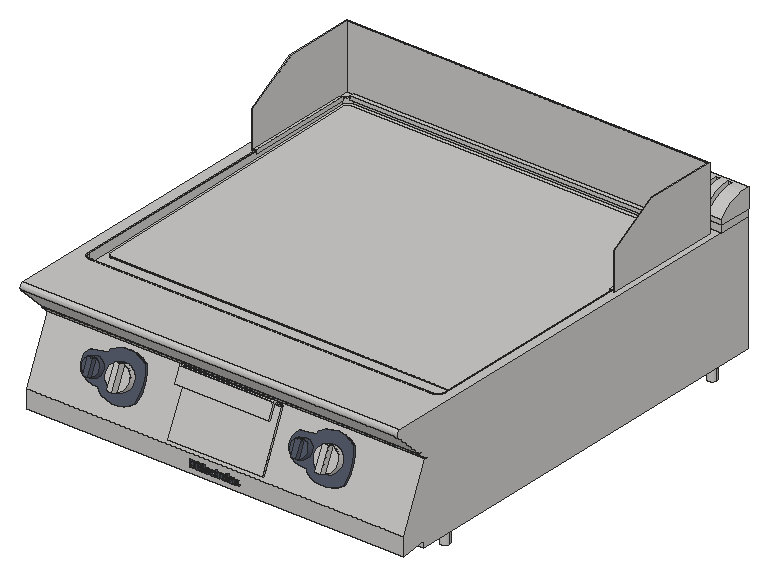
Revit family "QF_ELECTROLUXPROFESSIONAL_391586_E9IIDTAOMEI", category Attrezzature speciali, Revit 2018 (continued)
Automatic sketch dimensions
  Extrusion 19 sketch curve to Extrusion 19 sketch curve = 0.432 mm
  Extrusion 19 sketch curve to Extrusion 19 sketch curve = 1.142 mm
  Extrusion 19 sketch curve to Extrusion 19 sketch curve = 0.959 mm
  Extrusion 19 sketch curve to Extrusion 19 sketch curve = 0.176 mm
  Extrusion 19 sketch curve to Extrusion 19 sketch curve = 0.728 mm
  Extrusion 19 sketch curve to Extrusion 19 sketch curve = 3.375 mm  (x2)
  Extrusion 19 sketch curve to Extrusion 19 sketch curve = 0.541 mm
  Extrusion 19 sketch curve to Extrusion 19 sketch curve = 0.955 mm
  Extrusion 19 sketch curve to Extrusion 19 sketch curve = 1.251 mm
  Extrusion 19 sketch curve to Extrusion 19 sketch curve = 0.572 mm
  Extrusion 19 sketch curve to Extrusion 19 sketch curve = 1.92 mm
  Extrusion 19 sketch curve to Extrusion 19 sketch curve = 1.224 mm
  Extrusion 19 sketch curve to Extrusion 19 sketch curve = 0.745 mm
  Extrusion 19 sketch curve to Extrusion 19 sketch curve = 2.537 mm
  Extrusion 19 sketch curve to Extrusion 19 sketch curve = 0.896 mm  (x3)
  Extrusion 19 sketch curve to Extrusion 19 sketch curve = 0.036 mm
  Extrusion 19 sketch curve to Extrusion 19 sketch curve = 2.607 mm
  Extrusion 19 sketch curve to Extrusion 19 sketch curve = 0.066 mm
  Extrusion 19 sketch curve to Extrusion 19 sketch curve = 0.248 mm
  Extrusion 19 sketch curve to Extrusion 19 sketch curve = 0.449 mm
  Extrusion 19 sketch curve to Extrusion 19 sketch curve = 1.052 mm
  Extrusion 19 sketch curve to Extrusion 19 sketch curve = 1.863 mm
  Extrusion 19 sketch curve to Extrusion 19 sketch curve = 1.31 mm  (x2)
  Extrusion 19 sketch curve to Extrusion 19 sketch curve = 0.901 mm
  Extrusion 19 sketch curve to Extrusion 19 sketch curve = 1.107 mm
  Extrusion 19 sketch curve to Extrusion 19 sketch curve = 2.122 mm
  Extrusion 19 sketch curve to Extrusion 19 sketch curve = 2.101 mm
  Extrusion 19 sketch curve to Extrusion 19 sketch curve = 0.106 mm
  Extrusion 19 sketch curve to Extrusion 19 sketch curve = 0.029 mm
  Extrusion 19 sketch curve to Extrusion 19 sketch curve = 2.09 mm
  Extrusion 19 sketch curve to Extrusion 19 sketch curve = 1.279 mm
  Extrusion 19 sketch curve to Extrusion 19 sketch curve = 2.008 mm
  Extrusion 19 sketch curve to Extrusion 19 sketch curve = 0.738 mm
  Extrusion 19 sketch curve to Extrusion 19 sketch curve = 0.382 mm
  Extrusion 19 sketch curve to Extrusion 19 sketch curve = 0.384 mm
  Extrusion 19 sketch curve to Extrusion 19 sketch curve = 0.002 mm
  Extrusion 19 sketch curve to Extrusion 19 sketch curve = 0.561 mm
  Extrusion 19 sketch curve to Extrusion 19 sketch curve = 0.592 mm
  Extrusion 19 sketch curve to Extrusion 19 sketch curve = 2.692 mm
  Extrusion 19 sketch curve to Extrusion 19 sketch curve = 1.259 mm
  Extrusion 19 sketch curve to Extrusion 19 sketch curve = 0.802 mm
  Extrusion 19 sketch curve to Extrusion 19 sketch curve = 1.024 mm
  Extrusion 19 sketch curve to Extrusion 19 sketch curve = 0.682 mm
  Extrusion 19 sketch curve to Extrusion 19 sketch curve = 5.934 mm
  Extrusion 19 sketch curve to Extrusion 19 sketch curve = 2.186 mm
  Extrusion 19 sketch curve to Extrusion 19 sketch curve = 0.337 mm
  Extrusion 19 sketch curve to Extrusion 19 sketch curve = 0.021 mm
  Extrusion 19 sketch curve to Extrusion 19 sketch curve = 1.005 mm
  Extrusion 19 sketch curve to Extrusion 19 sketch curve = 0.552 mm
  Extrusion 19 sketch curve to Extrusion 19 sketch curve = 0.778 mm
  Extrusion 19 sketch curve to Extrusion 19 sketch curve = 0.063 mm
  Extrusion 19 sketch curve to Extrusion 19 sketch curve = 1.023 mm
  Extrusion 19 sketch curve to Extrusion 19 sketch curve = 3.804 mm
  Extrusion 19 sketch curve to Extrusion 19 sketch curve = 0.486 mm
  Extrusion 19 sketch curve to Extrusion 19 sketch curve = 0.266 mm
  Extrusion 19 sketch curve to Extrusion 19 sketch curve = 1.547 mm
  Extrusion 19 sketch curve to Extrusion 19 sketch curve = 0.717 mm  (x2)
  Extrusion 19 sketch curve to Extrusion 19 sketch curve = 1.667 mm
  Extrusion 19 sketch curve to Extrusion 19 sketch curve = 3.174 mm
  Extrusion 19 sketch curve to Extrusion 19 sketch curve = 0.388 mm
  Extrusion 19 sketch curve to Extrusion 19 sketch curve = 1.342 mm
  Extrusion 19 sketch curve to Extrusion 19 sketch curve = 1.521 mm
  Extrusion 19 sketch curve to Extrusion 19 sketch curve = 0.124 mm
  Extrusion 19 sketch curve to Extrusion 19 sketch curve = 0.291 mm
  Extrusion 19 sketch curve to Extrusion 19 sketch curve = 1.049 mm  (x2)
  Extrusion 19 sketch curve to Extrusion 19 sketch curve = 1.7 mm
  Extrusion 19 sketch curve to Extrusion 19 sketch curve = 0.894 mm
  Extrusion 19 sketch curve to Extrusion 19 sketch curve = 0.989 mm
  Extrusion 19 sketch curve to Extrusion 19 sketch curve = 1.168 mm
  Extrusion 19 sketch curve to Extrusion 19 sketch curve = 1.594 mm
  Extrusion 19 sketch curve to Extrusion 19 sketch curve = 0.731 mm
  Extrusion 19 sketch curve to Extrusion 19 sketch curve = 1.566 mm
  Extrusion 19 sketch curve to Extrusion 19 sketch curve = 0.064 mm
  Extrusion 19 sketch curve to Extrusion 19 sketch curve = 0.556 mm  (x2)
  Extrusion 19 sketch curve to Extrusion 19 sketch curve = 0.48 mm
  Extrusion 19 sketch curve to Extrusion 19 sketch curve = 0.228 mm
  Extrusion 19 sketch curve to Extrusion 19 sketch curve = 1.018 mm
  Extrusion 19 sketch curve to Extrusion 19 sketch curve = 0.787 mm
  Extrusion 19 sketch curve to Extrusion 19 sketch curve = 0.618 mm
  Extrusion 19 sketch curve to Extrusion 19 sketch curve = 1.672 mm
  Extrusion 19 sketch curve to Extrusion 19 sketch curve = 1.361 mm
  Extrusion 19 sketch curve to Extrusion 19 sketch curve = 0.822 mm
  Extrusion 19 sketch curve to Extrusion 19 sketch curve = 0.069 mm
  Extrusion 19 sketch curve to Extrusion 19 sketch curve = 1.88 mm
  Extrusion 19 sketch curve to Extrusion 19 sketch curve = 0.42 mm
  Extrusion 19 sketch curve to Extrusion 19 sketch curve = 0.062 mm
  Extrusion 19 sketch curve to Extrusion 19 sketch curve = 1.355 mm
  Extrusion 19 sketch curve to Extrusion 19 sketch curve = 2.34 mm
  Extrusion 19 sketch curve to Extrusion 19 sketch curve = 0.493 mm
  Extrusion 19 sketch curve to Extrusion 19 sketch curve = 0.136 mm
  Extrusion 19 sketch curve to Extrusion 19 sketch curve = 0.128 mm
  Extrusion 19 sketch curve to Extrusion 19 sketch curve = 3.616 mm
  Extrusion 19 sketch curve to Extrusion 19 sketch curve = 4.207 mm
  Extrusion 19 sketch curve to Extrusion 19 sketch curve = 0.183 mm
  Extrusion 19 sketch curve to Extrusion 19 sketch curve = 0.895 mm
  Extrusion 19 sketch curve to Extrusion 19 sketch curve = 1.314 mm
  Extrusion 19 sketch curve to Extrusion 19 sketch curve = 3.231 mm
  Extrusion 19 sketch curve to Extrusion 19 sketch curve = 1.299 mm
  Extrusion 19 sketch curve to Extrusion 19 sketch curve = 1.214 mm
  Extrusion 19 sketch curve to Extrusion 19 sketch curve = 1.264 mm
  Extrusion 19 sketch curve to Extrusion 19 sketch curve = 0.109 mm
  Extrusion 19 sketch curve to Extrusion 19 sketch curve = 0.357 mm
  Extrusion 19 sketch curve to Extrusion 19 sketch curve = 0.565 mm
  Extrusion 19 sketch curve to Extrusion 19 sketch curve = 2.504 mm
  Extrusion 19 sketch curve to Extrusion 19 sketch curve = 2.459 mm
  Extrusion 1 to Extrusion 19 sketch curve = 348.496 mm
  Extrusion 19 sketch curve to Extrusion 19 sketch curve = 0.208 mm
  Extrusion 19 sketch curve to Extrusion 19 sketch curve = 0.468 mm  (x2)
  Extrusion 19 sketch curve to Extrusion 19 sketch curve = 1.559 mm
  Extrusion 19 sketch curve to Extrusion 19 sketch curve = 0.422 mm  (x2)
  Extrusion 19 sketch curve to Extrusion 19 sketch curve = 0.494 mm
  Extrusion 19 sketch curve to Extrusion 19 sketch curve = 3.927 mm
  Extrusion 19 sketch curve to Extrusion 19 sketch curve = 0.782 mm
  Extrusion 19 sketch curve to Extrusion 19 sketch curve = 1.268 mm
  Extrusion 19 sketch curve to Extrusion 19 sketch curve = 0.671 mm
  Extrusion 19 sketch curve to Extrusion 19 sketch curve = 0.777 mm
  Extrusion 19 sketch curve to Extrusion 19 sketch curve = 0.704 mm
  Extrusion 19 sketch curve to Extrusion 19 sketch curve = 0.781 mm  (x2)
  Extrusion 19 sketch curve to Extrusion 19 sketch curve = 1.634 mm
  Extrusion 19 sketch curve to Extrusion 19 sketch curve = 0.132 mm
  Extrusion 19 sketch curve to Extrusion 19 sketch curve = 3.136 mm
  Extrusion 19 sketch curve to Extrusion 19 sketch curve = 2.422 mm
  Extrusion 19 sketch curve to Extrusion 19 sketch curve = 0.586 mm
  Extrusion 19 sketch curve to Extrusion 19 sketch curve = 2.046 mm  (x2)
  Extrusion 19 sketch curve to Extrusion 19 sketch curve = 1.241 mm
  Extrusion 19 sketch curve to Extrusion 19 sketch curve = 1.689 mm
  Extrusion 19 sketch curve to Extrusion 19 sketch curve = 2.859 mm
  Extrusion 19 sketch curve to Extrusion 19 sketch curve = 0.627 mm
  Extrusion 19 sketch curve to Extrusion 19 sketch curve = 0.863 mm
  Extrusion 19 sketch curve to Extrusion 19 sketch curve = 0.419 mm
  Extrusion 19 sketch curve to Extrusion 19 sketch curve = 1.514 mm
  Extrusion 19 sketch curve to Extrusion 19 sketch curve = 1.019 mm
  Extrusion 19 sketch curve to Extrusion 19 sketch curve = 0.065 mm
  Extrusion 19 sketch curve to Extrusion 19 sketch curve = 1.215 mm
  Extrusion 19 sketch curve to Extrusion 19 sketch curve = 2.708 mm
  Extrusion 19 sketch curve to Extrusion 19 sketch curve = 1.122 mm
  Extrusion 19 sketch curve to Extrusion 19 sketch curve = 1.153 mm
  Extrusion 19 sketch curve to Extrusion 19 sketch curve = 3.009 mm
  Extrusion 19 sketch curve to Extrusion 19 sketch curve = 0.829 mm  (x2)
  Extrusion 19 sketch curve to Extrusion 19 sketch curve = 0.934 mm
  Extrusion 19 sketch curve to Extrusion 19 sketch curve = 3.376 mm
  Extrusion 19 sketch curve to Extrusion 19 sketch curve = 0.222 mm
  Extrusion 19 sketch curve to Extrusion 19 sketch curve = 1.383 mm
  Extrusion 19 sketch curve to Extrusion 19 sketch curve = 1.556 mm
  Extrusion 19 sketch curve to Extrusion 19 sketch curve = 2.559 mm
  Extrusion 19 sketch curve to Extrusion 19 sketch curve = 2.51 mm
  Extrusion 19 sketch curve to Extrusion 19 sketch curve = 0.131 mm
  Extrusion 19 sketch curve to Extrusion 19 sketch curve = 1.717 mm
  Extrusion 19 sketch curve to Extrusion 19 sketch curve = 1.134 mm
  Extrusion 19 sketch curve to Extrusion 19 sketch curve = 0.366 mm
  Extrusion 19 sketch curve to Extrusion 19 sketch curve = 0.094 mm
  Extrusion 19 sketch curve to Extrusion 19 sketch curve = 1.584 mm
  Extrusion 19 sketch curve to Extrusion 19 sketch curve = 1.501 mm
  Extrusion 19 sketch curve to Extrusion 19 sketch curve = 0.27 mm
  Extrusion 19 sketch curve to Extrusion 19 sketch curve = 1.808 mm
  Extrusion 19 sketch curve to Extrusion 19 sketch curve = 0.643 mm
  Extrusion 19 sketch curve to Extrusion 19 sketch curve = 0.916 mm
  Extrusion 19 sketch curve to Extrusion 19 sketch curve = 0.352 mm
  Extrusion 19 sketch curve to Extrusion 19 sketch curve = 0.458 mm
  Extrusion 19 sketch curve to Extrusion 19 sketch curve = 1.282 mm
  Extrusion 19 sketch curve to Extrusion 19 sketch curve = 1.363 mm
  Extrusion 19 sketch curve to Extrusion 19 sketch curve = 0.685 mm
  Extrusion 19 sketch curve to Extrusion 19 sketch curve = 0.905 mm
  Extrusion 19 sketch curve to Extrusion 19 sketch curve = 2.865 mm
  Extrusion 19 sketch curve to Extrusion 19 sketch curve = 0.472 mm
  Extrusion 19 sketch curve to Extrusion 19 sketch curve = 0.101 mm
  Extrusion 19 sketch curve to Extrusion 19 sketch curve = 0.54 mm
  Extrusion 19 sketch curve to Extrusion 19 sketch curve = 0.02 mm
  Extrusion 19 sketch curve to Extrusion 19 sketch curve = 0.582 mm
  Extrusion 19 sketch curve to Extrusion 19 sketch curve = 0.166 mm
  Extrusion 19 sketch curve to Extrusion 19 sketch curve = 0.16 mm
  Extrusion 19 sketch curve to Extrusion 19 sketch curve = 2.781 mm
  Extrusion 19 sketch curve to Extrusion 19 sketch curve = 1.118 mm
  Extrusion 19 sketch curve to Extrusion 19 sketch curve = 0.613 mm
  Extrusion 19 sketch curve to Extrusion 19 sketch curve = 0.361 mm
  Extrusion 19 sketch curve to Extrusion 19 sketch curve = 0.897 mm
  Extrusion 19 sketch curve to Extrusion 19 sketch curve = 0.167 mm
  Extrusion 19 sketch curve to Extrusion 19 sketch curve = 0.292 mm
  Extrusion 19 sketch curve to Extrusion 19 sketch curve = 0.305 mm
  Extrusion 19 sketch curve to Extrusion 19 sketch curve = 1.557 mm
  Extrusion 19 sketch curve to Extrusion 19 sketch curve = 2.499 mm
  Extrusion 19 sketch curve to Extrusion 19 sketch curve = 3.062 mm
  Extrusion 19 sketch curve to Extrusion 19 sketch curve = 2.968 mm
  Extrusion 19 sketch curve to Extrusion 19 sketch curve = 5.044 mm
  Extrusion 19 sketch curve to Extrusion 19 sketch curve = 0.629 mm  (x2)
  Extrusion 19 sketch curve to Extrusion 19 sketch curve = 1.131 mm
  Extrusion 19 sketch curve to Extrusion 19 sketch curve = 0.137 mm
  Extrusion 19 sketch curve to Extrusion 19 sketch curve = 0.027 mm
  Extrusion 19 sketch curve to Extrusion 19 sketch curve = 2.235 mm
  plane 5 "FRONT" to Extrusion 30 sketch curve = 0 mm  (x2)
  Extrusion 30 sketch curve to plane 3 "LEFT" = 0 mm
  Extrusion 30 sketch curve to plane 4 "RIGHT" = 0 mm
  plane 1 "BACK" to Extrusion 30 sketch curve = 0 mm
  Extrusion 30 sketch curve to plane 3 "LEFT" = 100 mm
  Extrusion 30 sketch curve to plane 4 "RIGHT" = 100 mm
  Extrusion 30 sketch curve to plane 1 "BACK" = 100 mm
  Extrusion 31 to Extrusion 15 sketch curve = 20 mm
  Extrusion 15 sketch curve to Extrusion 31 = 52.285 mm
  Extrusion 15 sketch curve to Extrusion 15 sketch curve = 9.999 mm  (x3)
  Extrusion 31 to Extrusion 15 sketch curve = 30 mm
  Extrusion 15 sketch curve to Extrusion 15 sketch curve = 10 mm  (x3)
  Extrusion 15 sketch curve to Extrusion 31 = 23.517 mm  (x2)
  Extrusion 31 to Extrusion 15 sketch curve = 10 mm
  Extrusion 32 sketch curve to plane 7 "Center Y" = 11.804 mm
  plane 7 "Center Y" to Extrusion 32 sketch curve = 11.804 mm
  Extrusion 32 sketch curve to plane 5 "FRONT" = 151.264 mm
  Extrusion 32 sketch curve to Extrusion 32 sketch curve = 7.5 mm
  Extrusion 31 sketch curve to plane 6 "TOP" = 21.587 mm
  Extrusion 31 sketch curve to plane 5 "FRONT" = 137.461 mm
  plane 1 "BACK" to Extrusion 31 sketch curve = 92.539 mm
  Extrusion 31 sketch curve to Extrusion 31 sketch curve = 1.566 mm
  Extrusion 31 sketch curve to plane 6 "TOP" = 10.7 mm
  curve 10 to plane 3 "LEFT" = 0 mm
  curve 4 to plane 9 = 0 mm
  plane 5 "FRONT" to curve 4 = 0 mm
  curve 151 to plane 7 "Center Y" = 0 mm
  curve 7 to plane 4 "RIGHT" = 0 mm
  plane 5 "FRONT" to curve 1 = 0 mm
  plane 5 "FRONT" to curve 3 = 0 mm
  plane 1 "BACK" to curve 8 = 0 mm
  plane 14 to curve 26 = 4.442 mm
  plane 14 to curve 13 = 11.03 mm
  curve 37 to curve 14 = 6.721 mm
  curve 14 to curve 33 = 3.351 mm
  plane 14 to curve 40 = 18.703 mm
  plane 14 to curve 19 = 21.03 mm
  curve 33 to curve 30 = 6.516 mm
  curve 13 to curve 11 = 15 mm
  curve 20 to curve 14 = 5 mm
  curve 40 to curve 41 = 9.296 mm
  curve 19 to curve 19 = 10 mm
  curve 14 to curve 22 = 5 mm
  plane 1 "BACK" to curve 43 = 6.761 mm
  curve 38 to curve 43 = 16.193 mm
  curve 42 to curve 45 = 9.296 mm
  plane 1 "BACK" to curve 48 = 6.761 mm
  curve 43 to curve 48 = 16.193 mm
  curve 47 to curve 47 = 9.296 mm
  plane 1 "BACK" to curve 53 = 6.761 mm
  curve 46 to curve 53 = 16.193 mm
  curve 51 to curve 51 = 9.296 mm
  plane 1 "BACK" to curve 56 = 6.761 mm
  curve 50 to curve 56 = 16.193 mm
  curve 55 to curve 55 = 9.296 mm
  plane 1 "BACK" to curve 61 = 6.761 mm
  curve 54 to curve 61 = 16.193 mm
  curve 60 to curve 58 = 9.296 mm
  curve 58 to curve 64 = 16.193 mm
  curve 63 to curve 62 = 9.296 mm
  plane 1 "BACK" to curve 90 = 6.761 mm
  curve 62 to curve 90 = 16.193 mm
  curve 90 to curve 92 = 9.296 mm
  plane 1 "BACK" to curve 66 = 6.761 mm
  curve 91 to curve 66 = 16.193 mm
  curve 66 to curve 68 = 9.296 mm
  plane 1 "BACK" to curve 73 = 6.761 mm
  curve 67 to curve 73 = 16.193 mm
  curve 71 to curve 71 = 9.296 mm
  plane 1 "BACK" to curve 76 = 6.761 mm
  curve 70 to curve 76 = 16.193 mm
  curve 76 to curve 74 = 9.296 mm
  curve 4 to plane 7 "Center Y" = 99.95 mm
  curve 74 to curve 79 = 16.193 mm
  curve 79 to curve 78 = 9.296 mm
  plane 1 "BACK" to curve 84 = 6.761 mm
  curve 78 to curve 84 = 16.193 mm
  curve 84 to curve 82 = 9.296 mm
  curve 82 to curve 88 = 16.193 mm
  curve 88 to curve 89 = 9.296 mm
  plane 7 "Center Y" to curve 143 = 29.653 mm
  curve 143 to curve 146 = 9.296 mm
  plane 1 "BACK" to curve 139 = 6.761 mm
  curve 145 to curve 139 = 16.193 mm
  curve 139 to curve 142 = 9.296 mm
  curve 140 to curve 135 = 16.193 mm
  curve 135 to curve 138 = 9.296 mm
  plane 7 "Center Y" to curve 6 = 100.05 mm
  plane 1 "BACK" to curve 131 = 6.761 mm
  curve 137 to curve 131 = 16.193 mm
  curve 131 to curve 133 = 9.296 mm
  plane 1 "BACK" to curve 130 = 6.761 mm
  curve 133 to curve 130 = 16.193 mm
  curve 127 to curve 129 = 9.296 mm
  plane 1 "BACK" to curve 125 = 6.761 mm
  curve 129 to curve 125 = 16.193 mm
  curve 124 to curve 124 = 9.296 mm
  curve 123 to curve 149 = 16.193 mm
  curve 148 to curve 148 = 9.296 mm
  plane 1 "BACK" to curve 119 = 6.761 mm
  curve 147 to curve 119 = 16.193 mm
  curve 119 to curve 120 = 9.296 mm
  plane 1 "BACK" to curve 118 = 6.761 mm
  curve 121 to curve 118 = 16.193 mm
  curve 115 to curve 117 = 9.296 mm
  curve 116 to curve 112 = 16.193 mm
  curve 111 to curve 114 = 9.296 mm
  plane 1 "BACK" to curve 107 = 6.761 mm
  curve 113 to curve 107 = 16.193 mm
  curve 107 to curve 108 = 9.296 mm
  plane 1 "BACK" to curve 106 = 6.761 mm
  curve 109 to curve 106 = 16.193 mm
  curve 103 to curve 105 = 9.296 mm
  plane 12 to curve 102 = 12.487 mm
  plane 12 to curve 102 = 3.191 mm
  curve 23 to plane 12 = 9.97 mm
  curve 25 to plane 12 = 9.97 mm
  curve 95 to plane 12 = 13.001 mm
  curve 23 to curve 15 = 5 mm
  curve 11 to plane 12 = 14.97 mm
  curve 25 to curve 25 = 10 mm
  curve 15 to curve 30 = 5 mm
  curve 95 to curve 97 = 9.296 mm
  plane 15 to curve 36 = 14.401 mm
  curve 32 to curve 15 = 3.351 mm
  plane 15 to curve 16 = 10.917 mm
  plane 15 to curve 28 = 4.33 mm
  curve 12 to plane 5 "FRONT" = 137.461 mm
  curve 12 to curve 18 = 38.847 mm
  plane 8 "Center X" to curve 34 = 129.61 mm
  plane 8 "Center X" to curve 16 = 129.61 mm
  curve 16 to curve 28 = 0 mm
  curve 15 to curve 23 = 1.462 mm
  curve 14 to curve 21 = 1.462 mm
  curve 15 to curve 32 = 1.998 mm
  curve 21 to curve 14 = 10.536 mm
  curve 30 to curve 14 = 2.318 mm
  curve 15 to curve 29 = 10.007 mm
  plane 1 "BACK" to curve 151 = 69.85 mm
  curve 93 to curve 91 = 57.15 mm
  curve 150 to curve 119 = 57.15 mm
  curve 151 to curve 145 = 5.939 mm
  curve 31 to curve 38 = 19.479 mm
  curve 144 to curve 141 = 0 mm
  curve 38 to curve 42 = 0 mm
  curve 140 to curve 137 = 0 mm
  curve 44 to curve 46 = 0 mm
  curve 136 to curve 133 = 0 mm
  curve 46 to curve 50 = 0 mm
  curve 132 to curve 129 = 0 mm
  curve 50 to curve 54 = 0 mm
  curve 126 to curve 149 = 0 mm
  curve 54 to curve 58 = 0 mm
  curve 147 to curve 121 = 0 mm
  curve 62 to curve 90 = 0 mm
  curve 120 to curve 117 = 0 mm
  curve 92 to curve 66 = 0 mm
  curve 116 to curve 113 = 0 mm
  curve 68 to curve 70 = 0 mm
  curve 112 to curve 109 = 0 mm
  curve 70 to curve 75 = 0 mm
  curve 108 to curve 105 = 0 mm
  curve 74 to curve 78 = 0 mm
  curve 104 to curve 102 = 0 mm
  curve 78 to curve 82 = 0 mm
  curve 29 to curve 97 = 19.479 mm
  curve 82 to curve 86 = 0 mm
  plane 1 "BACK" to curve 89 = 6.761 mm
  plane 1 "BACK" to curve 95 = 6.761 mm
  plane 1 "BACK" to curve 99 = 6.761 mm
  plane 1 "BACK" to curve 81 = 6.761 mm
  plane 1 "BACK" to curve 149 = 6.761 mm
  plane 1 "BACK" to curve 111 = 6.761 mm
  plane 1 "BACK" to curve 65 = 6.761 mm
  plane 1 "BACK" to curve 135 = 6.761 mm
  plane 1 "BACK" to curve 41 = 6.761 mm
  plane 1 "BACK" to curve 143 = 6.761 mm
  plane 7 "Center Y" to curve 152 = 400 mm
  curve 151 to curve 152 = 0 mm
  curve 23 to curve 99 = 52.166 mm
  radius of Extrusion 21 sketch curve = 25.4 mm
  radius of Extrusion 22 sketch curve to Extrusion 21 = 0 mm  (x2)
  radius of Extrusion 23 sketch curve = 18.37 mm
  radius of Extrusion 26 sketch curve = 25.4 mm
  radius of Extrusion 27 sketch curve to Extrusion 26 = 0 mm  (x2)
  radius of Extrusion 28 sketch curve = 18.37 mm
  radius of Extrusion 2 sketch curve = 9.525 mm  (x4)
  radius of Extrusion 18 sketch curve = 6.35 mm
Connectors
  piping at (748, -664, 7), diameter 12.7
    settings: on Extrusion 18, index 1, connector inside diameter 1/2", connector length 0 mm, flow factor 0, pipe flow 0 GPM, pressure drop 0.00 psi, fitting loss kfactor 0, connector angle 0.00°, fixture units 0, engagement length 0 mm, angle of deflection 0.00°, flow configuration 1, flow direction 1, fitting loss method 0, system type 7, joint type 0, gender type 0, connector reference index -1, connector utility 0, adjustable connector no, is connector primary yes, connector description "GAS CONNECTION"
Types (2, lengths in mm): name | URL | Modello | Produttore | Gas Size | Descrizione
  (no name) | "www.electrolux.com" | "391054" | "ELECTROLUX" | 0" | "900XP FULL MODULE GAS FRY TOP, SMOOTH SLOPED PLATE, CHROMIUM PLATED"
  Standard | "https://www.electroluxprofessional.com/" | "E9IIDTAOMEI" | "Electrolux Professional" | 1/2" | "GAS FRY TOP POLISHED CHROME SMOOTH SLOPED PLATE 800MM - QMARK"
